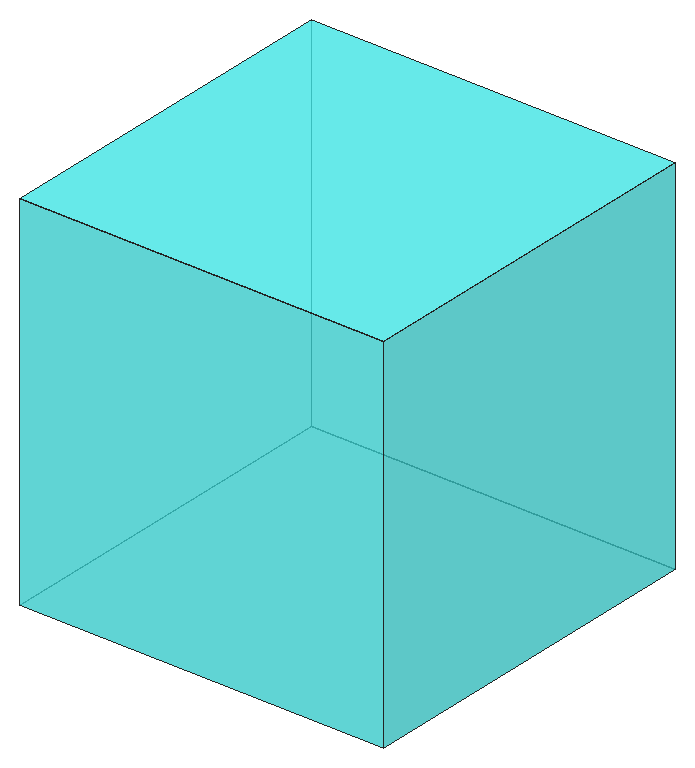
Revit family "Space Planning Box_hec", category Generic Models, Revit 2022
Family settings
  Can host rebar = No
  Round Connector Dimension = Use Diameter
  Part Type = Normal
  Work Plane-Based = No
  Always vertical = Yes
  Cut with Voids When Loaded = No
  Maintain Annotation Orientation = No
  Shared = No
  Room Calculation Point = No
Parameters
  Width [instance] = 5' - 0"
  Type Comments = "..."
  Room Name [instance] = "?"
  Program Area [instance] = 0.00 SF
  Length [instance] = 5' - 0"
  Interior Finish [instance] = ""
  Height [instance] = 5' - 0"
  Fill Color [instance] = Cyan
  Exterior Finish [instance] = ""
  Department [instance] = ""
  Default Elevation = 0' - 0"
  Assembly Code = "..."
  Area [instance] = Width * Length  # 25.00 SF
Reference planes (in)
  plane 1 "Center (Front/Back)": y = 0
  plane 2: z = 0
  plane 3 "Center (Left/Right)": x = 0
  plane 4 "Right": x = 30
  plane 5 "Left": x = -30
  plane 6 "Back": y = 30
  plane 7 "Front": y = -30
  plane 8: z = 60
Forms (in)
  Extrusion 1, solid, material "Cyan" <- "Fill Color"
    sketch origin (0, 0, 0) x (1, 0, 0) y (0, 1, 0)
      loop
        line (-30, 30) -> (-30, -30) -> (30, -30) -> (30, 30) -> (-30, 30)
    from 0 to 60
Dimensions and locks (in)
  equal spacing: plane 5 "Left", plane 3 "Center (Left/Right)", plane 4 "Right"
  equal spacing: plane 6 "Back", plane 1 "Center (Front/Back)", plane 7 "Front"
  "Width": plane 5 "Left" to plane 4 "Right"
  "Length": plane 6 "Back" to plane 7 "Front"
  "Height": plane 8 to level
  aligned and locked: plane 2 to level
  aligned and locked: Extrusion 1 sketch curve to plane 6 "Back"
  aligned and locked: plane 5 "Left" to Extrusion 1 sketch curve
  aligned and locked: plane 7 "Front" to Extrusion 1 sketch curve
  aligned and locked: Extrusion 1 sketch curve to plane 4 "Right"
  aligned and locked: plane 8 to Extrusion 1
